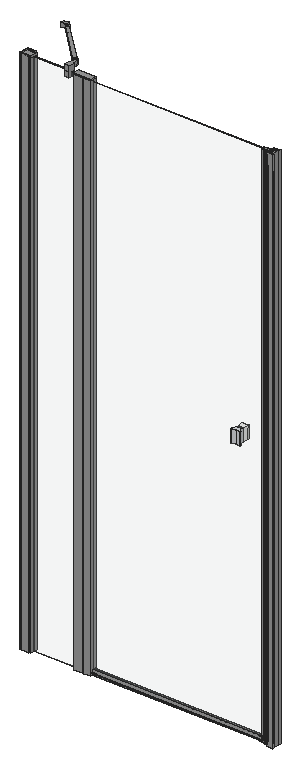
Revit family "Sanitary_Shower-screens_Duscholux_D2Swing_Fixed-Segment+Pivot-door-shower", category Aparatos sanitarios, Revit 2019
Family settings
  Cota de conector redondo = Diámetro de uso
  Tipo de pieza = Normal
  Número OmniClass = 23.45.00.00
  Título OmniClass = Sanitary, Laundry, and Cleaning Equipment
  Se basa en plano de trabajo = No
  Siempre vertical = Sí
  Corte con vacíos al cargar = No
  Compartido = No
  Punto de cálculo de habitación = No
Parameters (values of type "Shiny silver Finish")
  Width Fixed Segment = if(Min Max Width < 890 mm, 180 mm, if(Min Max Width < 990 mm, 237 mm, if(Min Max Width < 1090 mm, 337 mm, 437 mm)))  # 237 mm
  Width = 900 mm
  Visibility Wall Support = if(Min Max Width < 890 mm, 2 < 1, 2 > 1)  # yes
  URL = "http://www.duscholux.es/"
  Thickness Glass = 5 mm  # constant formula
  Technical Inspection Certificate (Applus) = "https://www.duscholux.es/es/Descargas/"
  Series = "D2"
  Ref. = "SBA / SBC"
  Products = "http://www.duscholux.es/mamparas_filtro.aspx?es"
  Opening System Image = "http://blob.duscholux.es/pluma512/FDIzq1f1pabatible180.gif"
  Opening System = "Pivot Door"
  Opening angle = 0.00°
  Modelo = "D2 Swing"
  Min Max Width = if(Width < 800 mm, 800 mm, if(Width > 1200 mm, 1200 mm, Width))  # 900 mm
  Max Height = if(Height > 2000 mm, 2000 mm, Height)  # 1900 mm
  Maintenance and Cleaning = "https://www.duscholux.es/es/Cuidado-y-limpieza/"
  Image = "https://www.duscholux.es/medium/D2_SWING_FD_1F_1P_PLATA.jpg?m=7414&w=960&h=768&g=0"
  Height = 1900 mm
  Handle Material = Zamac_Duscholux Material-Chrome Finish
  Handle Height = Max Height / 2  # 950 mm
  Glass in Building UNE EN 12150 = "CE Conformity marking"
  Glass height = Max Height - 10 mm  # 1890 mm
  Glass Material = Glass_Material-Duscholux
  Frame Material = Anodized Aluminium_Duscholux Material-Shiny Silver Finish
  Fact Sheet = "https://www.duscholux.es/es/Producto/D2-Swing-Frontal-para-ducha-de-1-fijo-1-puerta-abatible-180%C2%BA"
  Fabricante = "Duscholux Ibérica, S.A."
  Environmental Management ISO 14001 = "ECOEMBES Certificate"
  Door Aperture = Min Max Width - Width Fixed Segment - 34 mm  # 629 mm
  Descripción = "Front 1 Fixed segment + 1 pivot door at 180° for shower"
  Código de montaje = "C1030200"
  Configuration enclosure = "http://configuratumampara.duscholux.es/eCatalogo.aspx"
  Components = "Eropean components"
  Type Comments = ""
  Combinations = "Lateral 90° / Lateral180°"
  Certified Quality UNE EN 14428 = "http://www.duscholux.es/duscholux_downloads.aspx?es"
  Accesories Material = Plastic_Duscholux Material-Gray Finish
Types (4, lengths in mm): name | Max Height | Height | Handle Material | Handle Height | Glass height | Frame Material | Accesories Material
  (no name) | 1900 | 1900 | Zamac_Duscholux Material-Chrome Finish | 950 | 1890 | Anodized Aluminium_Duscholux Material-Shiny Silver Finish | Plastic_Duscholux Material-Gray Finish
  Shiny silver Finish | 1900 | 1900 | Zamac_Duscholux Material-Chrome Finish | 950 | 1890 | Anodized Aluminium_Duscholux Material-Shiny Silver Finish | Plastic_Duscholux Material-Gray Finish
  Matte Silver Aluminium Finish | 2000 | 2000 | Zamac_Duscholux Material-Matte Silver Finish | 1000 | 1990 | Anodized Aluminium_Duscholux Material-Matte Silver Finish | Plastic_Duscholux Material-Gray Finish
  Black Aluminium Finish | 2000 | 2000 | Anodized Aluminium_Duscholux Material-Black Finish | 1000 | 1990 | Anodized Aluminium_Duscholux Material-Black Finish | Plastic_Duscholux Material-Black Finish
Reference planes
  plane 1 "Centro (Frontal/Posterior)": y = 0
  plane 2: z = 0
  plane 3 "Centro (Izquierda/Derecha)": x = 0
  plane 4: z = 1900
  plane 5: z = 950
  plane 6: z = 0
  plane 7: z = 8
  plane 8: y = -15.3
  plane 9: x = 866.406
  plane 10: z = 1896
  plane 11: x = 237
  plane 12: z = 1890
  plane 13: x = 900
  plane 14: x = 23.523
  plane 15: x = 205.322
  plane 16: x = 190.267
Forms (mm)
  Extrusion 1, solid, material "Glass_Material-Duscholux" <- "Glass Material"
    sketch origin (240.164, 15.3, 0) x (1, 0, 0) y (0, 1, 0)
      loop
        line (-3.164, -12.8) -> (-3.164, -17.8) -> (617.451, -17.8) -> (617.451, -12.8) -> (-3.164, -12.8)
    from 8 to 1890
  Extrusion 2, solid, material "Plástico, transparente"
    sketch origin (-390.95, 0.5, 0) x (1, 0, 0) y (0, 1, 0)
      loop
        arc (1261.864, 6.25) -> (1258.768, 5.707) -> (1257.357, 2.898) r 3.5
        line (1257.357, 2.898) -> (1257.357, -3.898)
        arc (1257.357, -3.898) -> (1258.768, -6.707) -> (1261.864, -7.25) r 3.5
        line (1261.864, -7.25) -> (1266.782, -5.771) -> (1272.623, -5.771)
        arc (1272.623, -5.771) -> (1273.504, -5.396) -> (1273.843, -4.5) r 1.22
        line (1273.843, -4.5) -> (1266.357, -4.5) -> (1266.357, 3.5) -> (1273.843, 3.5)
        arc (1273.843, 3.5) -> (1273.504, 4.396) -> (1272.623, 4.771) r 1.22
        line (1272.623, 4.771) -> (1266.782, 4.771) -> (1261.864, 6.25)
    from 0 to 1890
  Extrusion 3, solid, material "Plástico, transparente"
    sketch origin (377.767, -62.856, 0) x (1, 0, 0) y (0, 1, 0)
      loop
        line (474.812, 65.711) -> (479.849, 65.711) -> (479.849, 60.001) -> (474.812, 60.001) -> (474.812, 59.001) -> (479.136, 59.001)
        arc (479.136, 59.001) -> (482.614, 56.681) -> (486.796, 56.63) r 7.362
        arc (486.796, 56.63) -> (487.847, 57.346) -> (488.249, 58.553) r 1.989
        line (488.249, 58.553) -> (488.249, 67.159)
        arc (488.249, 67.159) -> (487.84, 68.371) -> (486.78, 69.087) r 2
        arc (486.78, 69.087) -> (482.606, 69.031) -> (479.136, 66.711) r 7.349
        line (479.136, 66.711) -> (474.812, 66.711) -> (474.812, 65.711)
    from 0 to 1890
  Extrusion 4, solid, material "Glass_Material-Duscholux" <- "Glass Material"
    sketch origin (0, 0, 0) x (1, 0, 0) y (0, 1, 0)
      loop
        line (23.523, 2.5) -> (23.523, -2.5) -> (205.322, -2.5) -> (205.322, 2.5) -> (23.523, 2.5)
    from 0 to 1896
  Extrusion 5, solid, material "Anodized Aluminium_Duscholux Material-Shiny Silver Finish" <- "Frame Material"
    sketch origin (0, 2.24, 0) x (1, 0, 0) y (0, 1, 0)
      loop
        line (31.022, 16.891) -> (0, 16.891) -> (0, 8.585) -> (1.8, 8.585) -> (1.8, -13.602) -> (0, -13.602) -> (0, -15.402) -> (31, -15.402) -> (31, -14.009) -> (3.1, -14.009) -> (3.1, 9.591) -> (31.022, 9.591) -> (31.022, 16.891)
    from 0 to 1900
  Extrusion 6, solid, material "Anodized Aluminium_Duscholux Material-Shiny Silver Finish" <- "Frame Material"
    sketch origin (0, 2.24, 0) x (1, 0, 0) y (0, 1, 0)
      loop
        line (8.39, 9.291) -> (8.794, 7.991) -> (15.7, 7.991) -> (15.7, -12.409) -> (8.794, -12.409) -> (8.39, -13.709) -> (38.5, -13.709) -> (38.5, -5.559) -> (23.5, -5.559) -> (23.523, 1.139) -> (38.5, 1.139) -> (38.5, 9.291) -> (8.39, 9.291)
    from 0 to 1896
  Extrusion 7, solid, material "Anodized Aluminium_Duscholux Material-Shiny Silver Finish" <- "Frame Material"
    sketch origin (0, 0, 0) x (1, 0, 0) y (0, 1, 0)
      loop
        line (8.39, 11.531) -> (8.39, -11.469) -> (38.5, -11.469) -> (38.5, 11.531) -> (8.39, 11.531)
    from 1896 to 1900
  Extrusion 8, solid, material "Anodized Aluminium_Duscholux Material-Shiny Silver Finish" <- "Frame Material"
    sketch origin (237, 0, 0) x (1, 0, 0) y (0, 1, 0)
      loop
        arc (-11.626, 11.499) -> (-12.99, 11.171) -> (-14.056, 10.258) r 3
        arc (-14.056, 10.258) -> (-17.379, -0.001) -> (-14.056, -10.26) r 17.5
        arc (-14.056, -10.26) -> (-12.99, -11.173) -> (-11.626, -11.501) r 3
        line (-11.626, -11.501) -> (12.121, -11.501) -> (12.121, -3.348) -> (-2.855, -3.348) -> (-2.879, 3.349) -> (12.121, 3.349) -> (12.121, 11.499) -> (-11.626, 11.499)
    from 0 to 1896
  Extrusion 9, solid, material "Anodized Aluminium_Duscholux Material-Shiny Silver Finish" <- "Frame Material"
    sketch origin (0, 0, 0) x (1, 0, 0) y (0, 1, 0)
      loop
        line (900, 19.1) -> (875.978, 19.1) -> (875.978, 11.8) -> (897.2, 11.8) -> (897.2, -11.891) -> (875.597, -11.891) -> (875.597, -13.255) -> (900, -13.255) -> (900, -11.447) -> (898.7, -11.447) -> (898.7, 10.647) -> (900, 10.647) -> (900, 19.1)
    from 0 to 1890
  Extrusion 10, solid, material "Anodized Aluminium_Duscholux Material-Shiny Silver Finish" <- "Frame Material"
    sketch origin (0, 0, 0) x (1, 0, 0) y (0, 1, 0)
      loop
        line (896.945, 11.5) -> (875.516, 11.5) -> (873.285, 10.506) -> (871.536, 6.487) -> (872.669, 6.487) -> (874.251, 9.637) -> (875.516, 10.2) -> (888.922, 10.2) -> (888.922, 3) -> (876.516, 3) -> (876.516, 0) -> (876.516, -3) -> (888.922, -3) -> (888.922, -10.2) -> (875.516, -10.2) -> (874.251, -9.637) -> (872.669, -6.487) -> (871.536, -6.487) -> (873.285, -10.506) -> (875.516, -11.5) -> (896.945, -11.5) -> (896.945, 11.5)
    from 0 to 1890
  Extrusion 11, solid, material "Anodized Aluminium_Duscholux Material-Shiny Silver Finish" <- "Frame Material"
    sketch origin (0, 0, 0) x (1, 0, 0) y (0, 1, 0)
      loop
        line (190.322, 11.5) -> (190.322, 3.35) -> (205.322, 3.35) -> (205.322, -3.35) -> (190.322, -3.35) -> (190.322, -11.5) -> (220.432, -11.5) -> (220.432, -10.023) -> (221.058, -10.648)
        arc (221.058, -10.648) -> (222.114, -10.929) -> (222.329, -9.857) r 0.75
        arc (222.329, -9.857) -> (219.325, 0.004) -> (222.333, 9.863) r 17.675
        arc (222.333, 9.863) -> (222.116, 10.93) -> (221.062, 10.656) r 0.75
        line (221.062, 10.656) -> (220.432, 10.026) -> (220.432, 11.5) -> (190.322, 11.5)
    from 0 to 1896
  Extrusion 12, solid, material "Anodized Aluminium_Duscholux Material-Shiny Silver Finish" <- "Frame Material"
    sketch origin (0, 0, 0) x (1, 0, 0) y (0, 1, 0)
      loop
        line (190.322, 11.5) -> (190.322, -11.501) -> (249.121, -11.501) -> (249.121, 11.5) -> (190.322, 11.5)
    from 1896 to 1900
Lines and regions (mm)
  reference lines
    curve 1: line (237, 0, 0) -> (866, 0, 0)
  symbolic lines
    curve 2: line (237, 0, 0) -> (237, 629, 0)
    curve 3: line (237, 0, 0) -> (237, -629, 0)
    curve 4: arc (237, -629, 0) -> (866, 0, 0) -> (237, 629, 0) r 629
Dimensions and locks
  "Thickness Glass": Extrusion 1 to Extrusion 1
  plane 7 to level = 8 mm
  "Max Height": plane 4 to level
  "Handle Height": plane 5 to level
  plane 4 to Extrusion 1 = 10 mm
  locked: plane 4 to plane 10 at 4
  "Width Fixed Segment": plane 3 "Centro (Izquierda/Derecha)" to plane 11
  "Door Aperture": curve 1 to curve 1
  "Door Aperture": curve 2 to curve 2
  "Door Aperture": curve 3 to curve 3
  "Glass height": plane 12 to level
  locked: plane 13 to plane 9 at 33.594
  "Min Max Width": plane 3 "Centro (Izquierda/Derecha)" to plane 13
  locked: nested 3 to Extrusion 3 at 85
  locked: nested 4 to Extrusion 3 at 85
  locked: nested 2 to plane 4 at 16
  plane 3 "Centro (Izquierda/Derecha)" to plane 14 = 23.523 mm
  locked: plane 15 to plane 11 at 31.678
  locked: plane 16 to plane 15 at 15.055
  "Opening angle": angle curve 1 to plane 1 "Centro (Frontal/Posterior)"
  aligned and locked: level to plane 2
  aligned and locked: Extrusion 1 to plane 7
  aligned and locked: Extrusion 3 to Extrusion 1
  aligned and locked: nested 1 to Extrusion 3
  aligned and locked: plane 11 to curve 1
  aligned and locked: plane 1 "Centro (Frontal/Posterior)" to curve 1
  aligned and locked: plane 10 to Extrusion 4
  aligned and locked: plane 10 to Extrusion 6
  aligned and locked: Extrusion 7 to plane 10
  aligned and locked: plane 4 to Extrusion 7
  aligned and locked: plane 12 to Extrusion 1
  aligned and locked: curve 1 to Extrusion 1
  aligned and locked: plane 12 to Extrusion 2
  aligned and locked: plane 12 to Extrusion 3
  aligned and locked: plane 12 to Extrusion 10
  aligned and locked: plane 12 to Extrusion 9
  aligned and locked: plane 4 to Extrusion 5
  aligned and locked: plane 5 to nested 3
  aligned and locked: nested 4 to plane 5
  aligned and locked: Extrusion 8 to Extrusion 8
  aligned and locked: plane 14 to Extrusion 4
  aligned and locked: plane 10 to Extrusion 11
  aligned and locked: Extrusion 12 sketch curve to Extrusion 11  (x2)
  aligned and locked: Extrusion 12 to plane 10
  aligned and locked: plane 4 to Extrusion 12
  aligned and locked: plane 10 to Extrusion 8
  aligned and locked: Extrusion 4 to plane 15
  aligned and locked: curve 3 to plane 11
Automatic sketch dimensions
  curve 1 to Extrusion 1 sketch curve = 0 mm
  Extrusion 1 sketch curve to curve 1 = 8.384 mm
  Extrusion 1 sketch curve to curve 1 = 2.5 mm
  Extrusion 1 sketch curve to Extrusion 1 sketch curve = 5 mm
  plane 1 "Centro (Frontal/Posterior)" to Extrusion 2 sketch curve = 3.398 mm
  Extrusion 2 sketch curve to Extrusion 2 sketch curve = 3.5 mm  (x2)
  Extrusion 2 sketch curve to plane 1 "Centro (Frontal/Posterior)" = 6.75 mm
  Extrusion 2 sketch curve to Extrusion 2 sketch curve = 1.008 mm
  plane 1 "Centro (Frontal/Posterior)" to Extrusion 2 sketch curve = 6.75 mm
  Extrusion 2 sketch curve to Extrusion 2 sketch curve = 4.492 mm
  Extrusion 2 sketch curve to Extrusion 2 sketch curve = 0.425 mm  (x2)
  Extrusion 2 sketch curve to plane 1 "Centro (Frontal/Posterior)" = 5.271 mm
  Extrusion 2 sketch curve to Extrusion 2 sketch curve = 5.841 mm  (x2)
  Extrusion 2 sketch curve to plane 1 "Centro (Frontal/Posterior)" = 4.051 mm
  Extrusion 2 sketch curve to Extrusion 2 sketch curve = 1.219 mm  (x2)
  plane 1 "Centro (Frontal/Posterior)" to Extrusion 2 sketch curve = 5.271 mm
  Extrusion 2 sketch curve to Extrusion 2 sketch curve = 1.22 mm
  Extrusion 3 sketch curve to curve 1 = 2.855 mm
  Extrusion 3 sketch curve to curve 1 = 8.384 mm
  Extrusion 3 sketch curve to Extrusion 3 sketch curve = 5.037 mm  (x2)
  Extrusion 3 sketch curve to Extrusion 3 sketch curve = 5.71 mm
  Extrusion 3 sketch curve to Extrusion 3 sketch curve = 1 mm
  Extrusion 3 sketch curve to Extrusion 3 sketch curve = 0.714 mm  (x2)
  Extrusion 3 sketch curve to Extrusion 3 sketch curve = 4.942 mm
  Extrusion 3 sketch curve to Extrusion 3 sketch curve = 1.998 mm
  Extrusion 3 sketch curve to Extrusion 3 sketch curve = 2.004 mm
  Extrusion 3 sketch curve to Extrusion 3 sketch curve = 0.536 mm
  Extrusion 3 sketch curve to Extrusion 3 sketch curve = 1.916 mm
  Extrusion 3 sketch curve to Extrusion 3 sketch curve = 1.989 mm
  Extrusion 3 sketch curve to Extrusion 3 sketch curve = 3.445 mm
  Extrusion 3 sketch curve to Extrusion 3 sketch curve = 2 mm
  Extrusion 3 sketch curve to Extrusion 3 sketch curve = 0.531 mm
  Extrusion 3 sketch curve to Extrusion 3 sketch curve = 0.004 mm
  Extrusion 3 sketch curve to Extrusion 3 sketch curve = 1.7 mm
  Extrusion 4 sketch curve to plane 11 = 213.477 mm
  plane 1 "Centro (Frontal/Posterior)" to Extrusion 4 sketch curve = 2.5 mm
  Extrusion 4 sketch curve to Extrusion 4 sketch curve = 181.799 mm
  Extrusion 4 sketch curve to plane 1 "Centro (Frontal/Posterior)" = 2.5 mm
  Extrusion 5 sketch curve to plane 3 "Centro (Izquierda/Derecha)" = 0 mm  (x2)
  plane 3 "Centro (Izquierda/Derecha)" to Extrusion 5 sketch curve = 31.022 mm
  Extrusion 5 sketch curve to plane 1 "Centro (Frontal/Posterior)" = 19.131 mm
  Extrusion 5 sketch curve to Extrusion 5 sketch curve = 7.3 mm
  plane 3 "Centro (Izquierda/Derecha)" to Extrusion 5 sketch curve = 1.8 mm
  Extrusion 5 sketch curve to plane 8 = 3.938 mm
  Extrusion 5 sketch curve to plane 8 = 2.138 mm
  Extrusion 5 sketch curve to Extrusion 5 sketch curve = 0.022 mm
  Extrusion 5 sketch curve to plane 8 = 3.531 mm
  Extrusion 5 sketch curve to Extrusion 5 sketch curve = 1.3 mm
  Extrusion 5 sketch curve to Extrusion 5 sketch curve = 1.007 mm
  Extrusion 6 sketch curve to plane 8 = 3.831 mm
  plane 3 "Centro (Izquierda/Derecha)" to Extrusion 6 sketch curve = 8.39 mm
  Extrusion 6 sketch curve to plane 8 = 5.131 mm
  Extrusion 6 sketch curve to Extrusion 6 sketch curve = 0.404 mm  (x2)
  plane 3 "Centro (Izquierda/Derecha)" to Extrusion 6 sketch curve = 8.794 mm
  Extrusion 6 sketch curve to Extrusion 6 sketch curve = 6.906 mm
  plane 1 "Centro (Frontal/Posterior)" to Extrusion 6 sketch curve = 3.319 mm
  Extrusion 6 sketch curve to Extrusion 6 sketch curve = 7.8 mm
  Extrusion 6 sketch curve to plane 1 "Centro (Frontal/Posterior)" = 3.379 mm
  Extrusion 6 sketch curve to Extrusion 6 sketch curve = 0.023 mm
  Extrusion 6 sketch curve to Extrusion 6 sketch curve = 15 mm
  Extrusion 6 sketch curve to Extrusion 6 sketch curve = 0 mm
  Extrusion 6 sketch curve to plane 1 "Centro (Frontal/Posterior)" = 10.231 mm
  Extrusion 6 sketch curve to Extrusion 6 sketch curve = 1.3 mm
  Extrusion 7 sketch curve to plane 8 = 3.831 mm
  plane 3 "Centro (Izquierda/Derecha)" to Extrusion 7 sketch curve = 38.5 mm
  Extrusion 7 sketch curve to plane 1 "Centro (Frontal/Posterior)" = 11.531 mm
  plane 3 "Centro (Izquierda/Derecha)" to Extrusion 7 sketch curve = 8.39 mm
  Extrusion 8 sketch curve to curve 1 = 2.879 mm
  curve 1 to Extrusion 8 sketch curve = 3.349 mm
  Extrusion 8 sketch curve to curve 1 = 11.626 mm  (x2)
  Extrusion 8 sketch curve to curve 1 = 2.855 mm
  curve 1 to Extrusion 8 sketch curve = 12.121 mm
  Extrusion 8 sketch curve to curve 1 = 3.348 mm
  Extrusion 8 sketch curve to Extrusion 8 sketch curve = 8.15 mm
  Extrusion 8 sketch curve to Extrusion 8 sketch curve = 0 mm  (x2)
  Extrusion 8 sketch curve to Extrusion 8 sketch curve = 8.153 mm
  Extrusion 8 sketch curve to Extrusion 8 sketch curve = 3 mm  (x2)
  Extrusion 8 sketch curve to Extrusion 8 sketch curve = 2.43 mm  (x2)
  Extrusion 2 sketch curve to plane 9 = 0 mm
  Extrusion 9 sketch curve to plane 13 = 0 mm  (x2)
  plane 13 to Extrusion 9 sketch curve = 1.3 mm
  Extrusion 9 sketch curve to Extrusion 9 sketch curve = 1.5 mm
  plane 9 to Extrusion 9 sketch curve = 9.572 mm
  Extrusion 9 sketch curve to plane 8 = 3.409 mm
  plane 9 to Extrusion 9 sketch curve = 9.191 mm
  Extrusion 9 sketch curve to Extrusion 9 sketch curve = 1.364 mm
  Extrusion 9 sketch curve to Extrusion 9 sketch curve = 0.444 mm
  Extrusion 9 sketch curve to plane 1 "Centro (Frontal/Posterior)" = 10.647 mm
  Extrusion 9 sketch curve to Extrusion 9 sketch curve = 1.153 mm
  Extrusion 9 sketch curve to Extrusion 9 sketch curve = 7.3 mm
  plane 13 to Extrusion 10 sketch curve = 3.055 mm
  Extrusion 10 sketch curve to plane 1 "Centro (Frontal/Posterior)" = 11.5 mm
  plane 9 to Extrusion 10 sketch curve = 9.109 mm  (x2)
  Extrusion 10 sketch curve to plane 8 = 3.8 mm
  Extrusion 10 sketch curve to Extrusion 10 sketch curve = 2.231 mm
  Extrusion 10 sketch curve to Extrusion 10 sketch curve = 0.994 mm
  Extrusion 10 sketch curve to Extrusion 10 sketch curve = 0 mm  (x3)
  Extrusion 10 sketch curve to Extrusion 10 sketch curve = 1.3 mm
  Extrusion 10 sketch curve to Extrusion 10 sketch curve = 0.967 mm  (x2)
  Extrusion 10 sketch curve to Extrusion 10 sketch curve = 8.023 mm
  Extrusion 10 sketch curve to Extrusion 10 sketch curve = 0.869 mm  (x2)
  plane 1 "Centro (Frontal/Posterior)" to Extrusion 10 sketch curve = 3 mm
  Extrusion 10 sketch curve to Extrusion 10 sketch curve = 2.264 mm
  plane 1 "Centro (Frontal/Posterior)" to Extrusion 10 sketch curve = 0 mm
  Extrusion 10 sketch curve to plane 1 "Centro (Frontal/Posterior)" = 3 mm
  Extrusion 10 sketch curve to Extrusion 10 sketch curve = 7.2 mm
  Extrusion 10 sketch curve to Extrusion 10 sketch curve = 1.264 mm
  Extrusion 10 sketch curve to Extrusion 10 sketch curve = 0.563 mm
  Extrusion 10 sketch curve to Extrusion 10 sketch curve = 2.715 mm
  Extrusion 10 sketch curve to Extrusion 10 sketch curve = 3.149 mm  (x2)
  Extrusion 10 sketch curve to Extrusion 10 sketch curve = 1.132 mm  (x2)
  Extrusion 10 sketch curve to Extrusion 10 sketch curve = 1.583 mm
  plane 1 "Centro (Frontal/Posterior)" to Extrusion 11 sketch curve = 0 mm
  Extrusion 11 sketch curve to plane 11 = 0 mm
  Extrusion 11 sketch curve to plane 11 = 15.281 mm
  Extrusion 11 sketch curve to plane 8 = 5.008 mm
  Extrusion 11 sketch curve to plane 11 = 15.282 mm
  Extrusion 11 sketch curve to plane 8 = 4.652 mm
  Extrusion 11 sketch curve to Extrusion 11 sketch curve = 0.66 mm
  Extrusion 11 sketch curve to plane 8 = 5.277 mm
  Extrusion 11 sketch curve to Extrusion 11 sketch curve = 0.625 mm
  Extrusion 11 sketch curve to Extrusion 11 sketch curve = 1.286 mm
  plane 1 "Centro (Frontal/Posterior)" to Extrusion 11 sketch curve = 3.35 mm
  Extrusion 11 sketch curve to Extrusion 11 sketch curve = 15.11 mm
  Extrusion 11 sketch curve to Extrusion 11 sketch curve = 15 mm
  Extrusion 11 sketch curve to Extrusion 11 sketch curve = 0 mm
  Extrusion 11 sketch curve to plane 8 = 3.8 mm
  Extrusion 11 sketch curve to plane 1 "Centro (Frontal/Posterior)" = 3.35 mm
  Extrusion 11 sketch curve to plane 1 "Centro (Frontal/Posterior)" = 10.293 mm
  Extrusion 11 sketch curve to Extrusion 11 sketch curve = 1.207 mm
  Extrusion 11 sketch curve to Extrusion 11 sketch curve = 0.614 mm
  Extrusion 11 sketch curve to Extrusion 11 sketch curve = 0.611 mm
  Extrusion 11 sketch curve to Extrusion 11 sketch curve = 0.657 mm
  Extrusion 11 sketch curve to Extrusion 11 sketch curve = 0.63 mm
  plane 11 to Extrusion 12 sketch curve = 12.121 mm
  Extrusion 12 sketch curve to plane 8 = 3.799 mm
  plane 1 "Centro (Frontal/Posterior)" to curve 3 = 0 mm
Nested families
  nested 1: "Lower-Guide" at (249.121, 0, 8), type "Lower-Guide", detail levels fine
    with built-in parameter 1001306 1.9798 (stored number, unit not read)
  nested 2: "Wall Support 45°" at (165, 0, 1896) x (0, 1, 0) z (0, 0, 1), type "Wall Support 45°", detail levels medium+fine
  nested 3: "Handle-int-SWING" at (772.616, 2.5, 950) x (1, 0, 0) z (0, 1, 0), type "Handle-int-SWING", detail levels medium+fine
  nested 4: "Handle-ext-SWING" at (772.616, -2.5, 950) x (1, 0, 0) z (0, -1, 0), type "Handle-ext-SWING", detail levels medium+fine
Definition of nested family "Lower-Guide"
  Parameters (values of type "2353MA")
    built-in parameter 1001306 [instance] = 500 mm
  Reference planes
    plane 1 "Centro (Frontal/Posterior)": y = 0
    plane 2: z = 0
    plane 3 "Izquierda": x = 0
    plane 4 "Derecha": x = 500
    plane 5: z = 0
  Forms (mm)
    Extrusion 1, solid
      sketch origin (0, 0, 0) x (0, 1, 0) y (0, 0, 1)
        loop
          line (-4.2, 0) -> (-3, 12) -> (-4.5, 12) -> (-5.692, 0.15)
          arc (-5.692, 0.15) -> (-5.345, -0.968) -> (-4.3, -1.497) r 1.5
          line (-4.3, -1.497) -> (-4.3, -5.874)
          arc (-4.3, -5.874) -> (-3.9, -6.274) -> (-3.5, -5.874) r 0.4
          line (-3.5, -5.874) -> (-3.5, -1.5) -> (3.5, -1.5) -> (3.5, -7.653)
          arc (3.5, -7.653) -> (3.9, -8.053) -> (4.3, -7.653) r 0.4
          line (4.3, -7.653) -> (4.3, -1.508) -> (5.754, -1.508) -> (11.976, -3.947)
          arc (11.976, -3.947) -> (12.62, -3.771) -> (12.515, -3.111) r 0.5
          line (12.515, -3.111) -> (9.056, -1.58)
          arc (9.056, -1.58) -> (6.398, 0.585) -> (5.211, 3.802) r 6.5
          line (5.211, 3.802) -> (4.5, 12) -> (3, 12) -> (4.2, 0) -> (-4.2, 0)
      from 0 to 500
  Lines and regions (mm)
    reference lines
      curve 1: line (0, 0, 0) -> (500, 0, 0)
  Dimensions and locks
    "built-in parameter 1001306": plane 3 "Izquierda" to plane 4 "Derecha"
    aligned and locked: plane 4 "Derecha" to curve 1
    aligned and locked: plane 1 "Centro (Frontal/Posterior)" to curve 1
    aligned and locked: plane 3 "Izquierda" to curve 1
    aligned and locked: level to plane 2
    aligned and locked: plane 4 "Derecha" to Extrusion 1
  Automatic sketch dimensions
    Extrusion 1 sketch curve to level = 0 mm  (x2)
    Extrusion 1 sketch curve to Extrusion 1 sketch curve = 0.4 mm  (x3)
    Extrusion 1 sketch curve to Extrusion 1 sketch curve = 0 mm  (x2)
    Extrusion 1 sketch curve to Extrusion 1 sketch curve = 1.5 mm  (x2)
    Extrusion 1 sketch curve to Extrusion 1 sketch curve = 1.454 mm
    Extrusion 1 sketch curve to level = 1.58 mm
    Extrusion 1 sketch curve to Extrusion 1 sketch curve = 3.301 mm
    level to Extrusion 1 sketch curve = 4.364 mm
    Extrusion 1 sketch curve to Extrusion 1 sketch curve = 2.632 mm
    Extrusion 1 sketch curve to level = 3.947 mm
    Extrusion 1 sketch curve to Extrusion 1 sketch curve = 2.921 mm
    Extrusion 1 sketch curve to Extrusion 1 sketch curve = 0.224 mm
    Extrusion 1 sketch curve to level = 3.111 mm
    Extrusion 1 sketch curve to Extrusion 1 sketch curve = 0.315 mm
    Extrusion 1 sketch curve to level = 5.874 mm
    Extrusion 1 sketch curve to Extrusion 1 sketch curve = 1.778 mm
    Extrusion 1 sketch curve to level = 1.508 mm
    Extrusion 1 sketch curve to level = 1.5 mm
    Extrusion 1 sketch curve to Extrusion 1 sketch curve = 0.003 mm
    level to Extrusion 1 sketch curve = 12 mm
    level to Extrusion 1 sketch curve = 0.15 mm
    plane 1 "Centro (Frontal/Posterior)" to Extrusion 1 sketch curve = 3 mm
    plane 1 "Centro (Frontal/Posterior)" to Extrusion 1 sketch curve = 3.5 mm
    Extrusion 1 sketch curve to Extrusion 1 sketch curve = 0.1 mm  (x2)
    Extrusion 1 sketch curve to plane 1 "Centro (Frontal/Posterior)" = 3 mm
    Extrusion 1 sketch curve to plane 1 "Centro (Frontal/Posterior)" = 3.5 mm
    Extrusion 1 sketch curve to Extrusion 1 sketch curve = 0.799 mm
    level to Extrusion 1 sketch curve = 3.802 mm
Definition of nested family "Wall Support 45°"
  Parameters (values of type "Wall Support 45°")
    Visibility = yes
    Lenght = 800 mm
    Frame Material = none
  Reference planes
    plane 1 "Center (Front/Back)": y = 0
    plane 2: z = 0
    plane 3 "Center (Left/Right)": x = 0
    plane 4: x = 800
    plane 5: through (26, 0, 1200) normal (-0.7071, 0.7071, 0)
    plane 6: y = 165
    plane 7: x = 176
  Forms (mm)
    Extrusion 1, solid, material <- "Frame Material", visible <- "Visibility"
      sketch origin (11.441, 0, 35.625) x (1, 0, 0) y (0, 0, 1)
        loop
          line (-22.941, -52.625) -> (-2.941, -52.625) -> (-2.941, -15.625) -> (-22.941, -15.625) -> (-22.941, -32.625) -> (-22.941, -52.625)
      from -8.5 to 8.5
    Extrusion 2, void
      sketch origin (0, 0, 0) x (1, 0, 0) y (0, 0, 1)
        loop
          line (-5, 0) -> (-5, -17) -> (5, -17) -> (5, 0) -> (-5, 0)
      from -8.5 to 8.5
    Extrusion 3, solid, material <- "Frame Material", visible <- "Visibility"
      sketch origin (0, 0, 0) x (1, 0, 0) y (0, 1, 0)
        loop
          line (8.5, -8.5) -> (11, -6) -> (11, 6) -> (8.5, 8.5) -> (8.5, -8.5)
      from -17 to 20
    Extrusion 4, solid, material <- "Frame Material", visible <- "Visibility"
      sketch origin (-113.058, -131.909, -43.851) x (-0.707107, 0.707107, 0) y (0, 0, 1)
        loop
          line (-9.555, 48.851) -> (-0.555, 48.851) -> (-0.555, 62.351) -> (-9.555, 62.351) -> (-9.555, 48.851)
      from 206.603 to 388.735
    Extrusion 5, solid, material <- "Frame Material", visible <- "Visibility"
      sketch origin (0, 0, 0) x (1, 0, 0) y (0, 1, 0)
        loop
          line (11, 6) -> (11, -6) -> (26, -6)
          arc (26, -6) -> (32, 0) -> (26, 6) r 6
          line (26, 6) -> (11, 6)
      from 14 to 20
    Extrusion 6, solid, material <- "Frame Material", visible <- "Visibility"
      sketch origin (44.385, 18.385, 0) x (-0.707107, -0.707107, 0) y (0.707107, -0.707107, 0)
        loop
          line (11, 6) -> (11, -6) -> (26, -6)
          arc (26, -6) -> (32, 0) -> (26, 6) r 6
          line (26, 6) -> (11, 6)
      from 5 to 14
    Extrusion 7, solid, material <- "Frame Material", visible <- "Visibility"
      sketch origin (0, 0, 0) x (1, 0, 0) y (0, 1, 0)
        loop
          line (32.364, 14.849) -> (23.515, 6) -> (26, 6)
          arc (26, 6) -> (31.543, 2.296) -> (30.243, -4.243) r 6
          line (30.243, -4.243) -> (40.849, 6.364) -> (32.364, 14.849)
      from 14 to 20
    Extrusion 8, solid, material <- "Frame Material", visible <- "Visibility"
      sketch origin (176, 176, 0) x (0, -1, 0) y (1, 0, 0)
        loop
          line (11, -6) -> (26, -6)
          arc (26, -6) -> (32, 0) -> (26, 6) r 6
          line (26, 6) -> (11, 6) -> (11, -6)
      from 14 to 20
    Extrusion 9, solid, material <- "Frame Material", visible <- "Visibility"
      sketch origin (176, 176, 0) x (0, -1, 0) y (1, 0, 0)
        loop
          line (32.364, -14.849) -> (40.849, -6.364) -> (30.243, 4.243)
          arc (30.243, 4.243) -> (31.543, -2.296) -> (26, -6) r 6
          line (26, -6) -> (23.515, -6) -> (32.364, -14.849)
      from 14 to 20
    Extrusion 10, solid, material <- "Frame Material", visible <- "Visibility"
      sketch origin (157.615, 131.615, 0) x (0.707107, 0.707107, 0) y (-0.707107, 0.707107, 0)
        loop
          line (11, -6) -> (26, -6)
          arc (26, -6) -> (32, 0) -> (26, 6) r 6
          line (26, 6) -> (11, 6) -> (11, -6)
      from 5 to 14
    Extrusion 11, solid, material <- "Frame Material", visible <- "Visibility"
      sketch origin (-22.6, -22.6, 0) x (1, 0, 0) y (0, 1, 0)
        loop
          line (192.6, 187.6) -> (192.6, 175.085) -> (194.357, 176.842)
          arc (194.357, 176.842) -> (200.896, 178.143) -> (204.6, 172.6) r 6
          line (204.6, 172.6) -> (204.6, 187.6) -> (192.6, 187.6)
      from 5 to 14
    Extrusion 12, solid, material <- "Frame Material", visible <- "Visibility"
      sketch origin (0, 0, 0) x (1, 0, 0) y (0, 1, 0)
        loop
          line (11, 6) -> (11, -5.977) -> (25.477, -5.977)
          arc (25.477, -5.977) -> (20.362, -2.052) -> (21.757, 4.243) r 6
          line (21.757, 4.243) -> (23.515, 6) -> (11, 6)
      from 5 to 14
  Cuts and joins
    Extrusion 2 cuts Extrusion 1
    joined: Extrusion 1, Extrusion 3, Extrusion 5, Extrusion 12
    joined: Extrusion 6, Extrusion 7
    joined: Extrusion 9, Extrusion 10
    joined: Extrusion 8, Extrusion 11
  Dimensions and locks
    equal spacing: Extrusion 1, plane 1 "Center (Front/Back)", Extrusion 1
    locked: cut or joined group of Extrusion 1, Extrusion 2, Extrusion 3, Extrusion 5, Extrusion 12 to plane 3 "Center (Left/Right)" at 11.5
    "Lenght": plane 4 to plane 3 "Center (Left/Right)"
    locked: cut or joined group of Extrusion 1, Extrusion 2, Extrusion 3, Extrusion 5, Extrusion 12 to level at 20
    locked: level to cut or joined group of Extrusion 1, Extrusion 2, Extrusion 3, Extrusion 5, Extrusion 12 at 17
    aligned and locked: level to plane 2
    aligned and locked: Extrusion 1 to Extrusion 2
    aligned and locked: Extrusion 2 to Extrusion 1
    aligned and locked: cut or joined group of Extrusion 1, Extrusion 2, Extrusion 3, Extrusion 5, Extrusion 12 to Extrusion 3  (x2)
    aligned and locked: Extrusion 7 to Extrusion 5
    aligned and locked: cut or joined group of Extrusion 1, Extrusion 2, Extrusion 3, Extrusion 5, Extrusion 12 to Extrusion 7
    aligned and locked: Extrusion 4 to Extrusion 6
    aligned and locked: Extrusion 9 to Extrusion 8
    aligned and locked: Extrusion 11 to Extrusion 8
    aligned and locked: Extrusion 12 to cut or joined group of Extrusion 1, Extrusion 2, Extrusion 3, Extrusion 5, Extrusion 12
    aligned and locked: Extrusion 12 to cut or joined group of Extrusion 6, Extrusion 7
    aligned and locked: Extrusion 4 to cut or joined group of Extrusion 9, Extrusion 10
    aligned and locked: Extrusion 4 to cut or joined group of Extrusion 6, Extrusion 7
  Automatic sketch dimensions
    Extrusion 2 sketch curve to level = 0 mm
    Extrusion 2 sketch curve to plane 3 "Center (Left/Right)" = 5 mm
    plane 3 "Center (Left/Right)" to Extrusion 2 sketch curve = 5 mm
    Extrusion 2 sketch curve to Extrusion 2 sketch curve = 17 mm
    plane 3 "Center (Left/Right)" to Extrusion 3 sketch curve = 8.5 mm
    Extrusion 3 sketch curve to Extrusion 3 sketch curve = 2.5 mm  (x3)
    plane 1 "Center (Front/Back)" to Extrusion 3 sketch curve = 8.5 mm
    Extrusion 3 sketch curve to plane 1 "Center (Front/Back)" = 6 mm
    Extrusion 4 sketch curve to plane 5 = 4.5 mm
    plane 5 to Extrusion 4 sketch curve = 4.5 mm
    level to Extrusion 4 sketch curve = 5 mm
    Extrusion 4 sketch curve to Extrusion 4 sketch curve = 13.5 mm
    plane 1 "Center (Front/Back)" to Extrusion 5 sketch curve = 0 mm
    Extrusion 5 sketch curve to plane 5 = 0 mm
    plane 3 "Center (Left/Right)" to Extrusion 5 sketch curve = 11 mm
    plane 1 "Center (Front/Back)" to Extrusion 5 sketch curve = 6 mm
    plane 1 "Center (Front/Back)" to Extrusion 6 sketch curve = 0 mm
    Extrusion 6 sketch curve to plane 5 = 0 mm
    plane 5 to Extrusion 6 sketch curve = 6 mm
    Extrusion 6 sketch curve to Extrusion 6 sketch curve = 15 mm
    plane 1 "Center (Front/Back)" to Extrusion 7 sketch curve = 0 mm
    Extrusion 7 sketch curve to plane 5 = 0 mm
    Extrusion 7 sketch curve to Extrusion 7 sketch curve = 2.485 mm
    plane 1 "Center (Front/Back)" to Extrusion 7 sketch curve = 4.243 mm
    Extrusion 7 sketch curve to Extrusion 7 sketch curve = 4.243 mm
    Extrusion 7 sketch curve to plane 1 "Center (Front/Back)" = 14.849 mm
    Extrusion 7 sketch curve to Extrusion 7 sketch curve = 6.364 mm
    plane 1 "Center (Front/Back)" to Extrusion 8 sketch curve = 165 mm
    plane 1 "Center (Front/Back)" to Extrusion 8 sketch curve = 150 mm
    Extrusion 8 sketch curve to Extrusion 8 sketch curve = 6 mm
    plane 1 "Center (Front/Back)" to Extrusion 9 sketch curve = 152.485 mm
    Extrusion 9 sketch curve to Extrusion 9 sketch curve = 2.485 mm
    plane 1 "Center (Front/Back)" to Extrusion 9 sketch curve = 145.757 mm
    plane 1 "Center (Front/Back)" to Extrusion 9 sketch curve = 143.636 mm
    plane 1 "Center (Front/Back)" to Extrusion 9 sketch curve = 135.151 mm
    Extrusion 9 sketch curve to Extrusion 9 sketch curve = 4.243 mm
    plane 5 to Extrusion 10 sketch curve = 6 mm
    plane 1 "Center (Front/Back)" to Extrusion 10 sketch curve = 135.151 mm
    Extrusion 10 sketch curve to Extrusion 10 sketch curve = 15 mm
    Extrusion 10 sketch curve to Extrusion 10 sketch curve = 6 mm
    Extrusion 11 sketch curve to plane 5 = 0 mm
    Extrusion 11 sketch curve to Extrusion 11 sketch curve = 15 mm
    Extrusion 11 sketch curve to Extrusion 11 sketch curve = 1.757 mm  (x2)
    plane 1 "Center (Front/Back)" to Extrusion 12 sketch curve = 0 mm
    Extrusion 12 sketch curve to plane 5 = 0 mm
    Extrusion 12 sketch curve to plane 1 "Center (Front/Back)" = 6 mm
    Extrusion 12 sketch curve to Extrusion 12 sketch curve = 2.485 mm
    Extrusion 12 sketch curve to plane 1 "Center (Front/Back)" = 4.243 mm
    Extrusion 12 sketch curve to Extrusion 12 sketch curve = 1.757 mm
    Extrusion 12 sketch curve to Extrusion 12 sketch curve = 10.757 mm
    plane 1 "Center (Front/Back)" to Extrusion 12 sketch curve = 5.977 mm
    Extrusion 8 sketch curve to plane 5 = 0 mm
    Extrusion 9 sketch curve to plane 5 = 0 mm
    Extrusion 11 sketch curve to plane 6 = 0 mm
    Extrusion 11 sketch curve to plane 6 = 10.757 mm
    Extrusion 11 sketch curve to Extrusion 11 sketch curve = 4.243 mm
    Extrusion 1 sketch curve to plane 3 "Center (Left/Right)" = 11.5 mm
    plane 3 "Center (Left/Right)" to Extrusion 1 sketch curve = 8.5 mm
    Extrusion 1 sketch curve to level = 17 mm
    level to Extrusion 1 sketch curve = 3 mm
    Extrusion 1 sketch curve to Extrusion 1 sketch curve = 17 mm
Definition of nested family "Handle-int-SWING"
  Parameters (values of type "Handle-int-SWING")
    Long. tirador = 43.6 mm
    Handle Material = none
    Default Elevation = 1219.2 mm
  Reference planes
    plane 1 "Centro (Frontal/Posterior)": y = 0
    plane 2: z = 0
    plane 3 "Centro (Izquierda/Derecha)": x = 0
    plane 4: y = 21.8
    plane 5: y = -21.8
    plane 6: z = 0
  Forms (mm)
    Extrusion 1, solid
      sketch origin (0, 0, 0) x (1, 0, 0) y (0, 1, 0)
        loop
          line (-1219.2, 1219.2) -> (-1219.2, -1219.2) -> (1219.2, -1219.2) -> (1219.2, 1219.2) -> (-1219.2, 1219.2)
      from 0 to -304.8
    Extrusion 2, solid, material <- "Handle Material"
      sketch origin (0, 0, 0) x (1, 0, 0) y (0, 0, 1)
        loop
          arc (-9.44, 20.3) -> (-10.324, 19.916) -> (-10.647, 19.008) r 1.21
          line (-10.647, 19.008) -> (-9.356, 0) -> (9.356, 0) -> (10.647, 19.008)
          arc (10.647, 19.008) -> (10.324, 19.916) -> (9.44, 20.3) r 1.21
          line (9.44, 20.3) -> (-9.44, 20.3)
      from -21.8 to 21.8
  Dimensions and locks
    equal spacing: plane 4, plane 1 "Centro (Frontal/Posterior)", plane 5
    "Long. tirador": plane 4 to plane 5
    aligned and locked: plane 2 to Extrusion 1
    aligned and locked: level to Extrusion 1
    aligned and locked: plane 4 to Extrusion 2
    aligned and locked: Extrusion 2 to plane 5
  Automatic sketch dimensions
    Extrusion 1 sketch curve to Extrusion 1 sketch curve = 2438.4 mm  (x2)
    level to Extrusion 2 sketch curve = 19.09 mm
    Extrusion 2 sketch curve to Extrusion 2 sketch curve = 1.21 mm  (x2)
    Extrusion 2 sketch curve to level = 0 mm
    plane 3 "Centro (Izquierda/Derecha)" to Extrusion 2 sketch curve = 9.356 mm
    plane 3 "Centro (Izquierda/Derecha)" to Extrusion 2 sketch curve = 9.44 mm
    Extrusion 2 sketch curve to Extrusion 2 sketch curve = 1.207 mm  (x2)
    Extrusion 2 sketch curve to plane 3 "Centro (Izquierda/Derecha)" = 9.356 mm
    Extrusion 2 sketch curve to plane 3 "Centro (Izquierda/Derecha)" = 9.44 mm
Definition of nested family "Handle-ext-SWING"
  Parameters (values of type "Handle-ext-SWING")
    Long. tirador = 43.6 mm
    Handle Material = none
    Default Elevation = 1219.2 mm
  Reference planes
    plane 1 "Centro (Frontal/Posterior)": y = 0
    plane 2: z = 0
    plane 3 "Centro (Izquierda/Derecha)": x = 0
    plane 4: y = 21.8
    plane 5: y = -21.8
    plane 6: x = -9.5
    plane 7: x = 9.5
    plane 8: z = 0
    plane 9: z = 19.911
  Forms (mm)
    Extrusion 1, solid
      sketch origin (0, 0, 0) x (1, 0, 0) y (0, 1, 0)
        loop
          line (-1219.2, 1219.2) -> (-1219.2, -1219.2) -> (1219.2, -1219.2) -> (1219.2, 1219.2) -> (-1219.2, 1219.2)
      from 0 to -304.8
    Extrusion 2, solid
      sketch origin (0, 0, 0) x (1, 0, 0) y (0, 0, 1)
        loop
          line (14.376, 19.911) -> (0, 19.911) -> (-14.376, 19.911)
          arc (-14.376, 19.911) -> (-15.225, 19.559) -> (-15.576, 18.711) r 1.2
          line (-15.576, 18.711) -> (-15.576, 17.307)
          arc (-15.576, 17.307) -> (-10.99, 9.188) -> (-9.4, 0) r 27.336
          line (-9.4, 0) -> (0, 0) -> (9.4, 0)
          arc (9.4, 0) -> (10.99, 9.188) -> (15.576, 17.307) r 27.336
          line (15.576, 17.307) -> (15.576, 18.711)
          arc (15.576, 18.711) -> (15.225, 19.559) -> (14.376, 19.911) r 1.2
      from -21.8 to 21.8
  Dimensions and locks
    equal spacing: plane 4, plane 1 "Centro (Frontal/Posterior)", plane 5
    equal spacing: plane 6, plane 3 "Centro (Izquierda/Derecha)", plane 7
    plane 6 to plane 7 = 19 mm
    "Long. tirador": plane 4 to plane 5
    locked: plane 9 to Extrusion 1 at 19.911
    aligned and locked: plane 2 to Extrusion 1
    aligned and locked: level to Extrusion 1
    aligned and locked: plane 4 to Extrusion 2
    aligned and locked: Extrusion 2 to plane 5
  Automatic sketch dimensions
    Extrusion 1 sketch curve to Extrusion 1 sketch curve = 2438.4 mm  (x2)
    Extrusion 2 sketch curve to plane 3 "Centro (Izquierda/Derecha)" = 0 mm  (x2)
    Extrusion 2 sketch curve to plane 9 = 1.2 mm  (x2)
    plane 7 to Extrusion 2 sketch curve = 4.876 mm
    Extrusion 2 sketch curve to Extrusion 2 sketch curve = 1.404 mm
    Extrusion 2 sketch curve to level = 0 mm
    plane 7 to Extrusion 2 sketch curve = 27.236 mm
    plane 6 to Extrusion 2 sketch curve = 0.1 mm
    Extrusion 2 sketch curve to plane 6 = 27.236 mm
    Extrusion 2 sketch curve to plane 9 = 2.604 mm
    Extrusion 2 sketch curve to plane 9 = 0 mm
